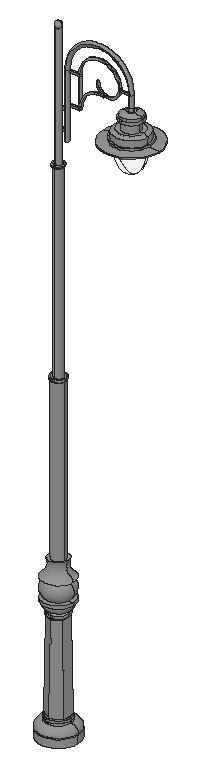
Revit family "svetilnik_alfresco_elegant-1-8_i_1-10", category Lighting Fixtures, Revit 2016 (continued)
Definition of nested family "Элегант"
  Parameters (values of type "Элегант 100Вт")
    built-in parameter 1150142 = "IESNA:LM-63-1995\r\n[TEST] alf\r\n[MANUFAC] Alfresco\r\n[LUMCAT]  \r\n[LUMINAIRE] ДCУ-01-AF 100w Росинка2\r\n[LAMPCAT]Cree\r\n[LAMP]LED\r\n[MORE]\r\n[OTHER]\r\nTILT=NONE\r\n1 8900 1 37 181 2 2 .525 .525 0\r\n.9 1 100\r\n-90 -85 -80 -75 -70 -65 -60 -55 -50 -45 -40 -35 -30 -25 -20 -15 -10 -5 0 5 10 15 20 25 30 35 40 45 50 55 60 65 70 75 80 85 90\r\n-90 -89 -88 -87 -86 -85 -84 -83 -82 -81 -80 -79 -78 -77 -76 -75 -74 -73 -72 -71 -70 -69 -68 -67 -66 -65 -64 -63 -62 -61 -60 -59 -58 -57 -56 -55 -54 -53 -52 -51 -50 -49 -48 -47 -46 -45 -44 -43 -42 -41 -40 -39 -38 -37 -36 -35 -34 -33 -32 -31 -30 -29 -28 -27\r\n -26 -25 -24 -23 -22 -21 -20 -19 -18 -17 -16 -15 -14 -13 -12 -11 -10 -9 -8 -7 -6 -5 -4 -3 -2 -1 0 1 2 3 4 5 6 7 8 9 10 11 12 13 14 15 16 17 18 19 20 21 22 23 24 25 26 27 28 29 30 31 32 33 34 35 36 37 38 39 40 41 42 43 44 45 46 47 48 49 50 51 52 53 54 55 \r\n56 57 58 59 60 61 62 63 64 65 66 67 68 69 70 71 72 73 74 75 76 77 78 79 80 81 82 83 84 85 86 87 88 89 90\r\n61.425 60.00 58.575 54.96 51.345 51.585 51.84 49.35 46.86 49.185 51.51 50.505 49.485 51.21 52.92 53.91 54.90 56.19 57.465 59.085 60.69 61.575 62.46 62.385 62.295 61.29 60.27 58.245 56.22 54.81 53.40 52.65 51.885 52.02 52.17 54.405 56.64\r\n65.16 67.86 70.545 73.905 77.265 81.825 86.37 88.365 90.345 92.715 95.07 101.295 107.52 110.925 114.33 120.69 127.05 130.74 134.43 134.925 135.405 130.50 125.595 124.98 124.365 119.46 114.555 110.34 106.125 100.155 94.20 89.385 84.57 77.37 70.17 68.04 \r\n65.91\r\n76.815 86.745 96.69 101.535 106.365 114.105 121.845 127.485 133.125 139.50 145.86 156.18 166.485 177.045 187.59 191.55 195.495 194.16 192.84 191.73 190.605 186.645 182.685 179.265 175.83 168.42 160.995 156.015 151.035 142.47 133.89 124.92 115.95 107.775 \r\n99.60 90.54 81.48\r\n100.41 111.285 122.16 132.645 143.115 149.61 156.09 165.735 175.395 184.245 193.095 200.535 207.99 210.51 213.03 212.52 212.01 210.87 209.745 208.23 206.70 202.845 199.005 194.025 189.06 188.16 187.26 185.01 182.775 171.54 160.32 150.945 141.57 130.305 \r\n119.025 107.895 96.765\r\n123.48 133.905 144.33 158.46 172.59 183.03 193.47 203.355 213.225 218.985 224.745 225.72 226.695 225.90 225.09 226.455 227.805 227.97 228.15 227.745 227.34 221.22 215.085 210.75 206.43 202.695 198.96 192.63 186.30 184.02 181.74 170.895 160.05 148.515 \r\n136.98 124.395 111.81\r\n148.59 160.095 171.60 190.125 208.65 215.595 222.555 228.105 233.655 233.94 234.21 234.435 234.66 237.54 240.42 242.40 244.38 240.255 236.13 233.805 231.48 229.50 227.535 222.885 218.235 213.42 208.605 204.84 201.06 193.905 186.75 180.975 175.215 163.53 \r\n151.845 137.88 123.915\r\n164.505 184.095 203.70 214.965 226.23 233.79 241.35 243.45 245.55 246.675 247.815 249.06 250.32 249.81 249.30 247.575 245.85 243.615 241.38 240.72 240.045 240.87 241.71 235.83 229.965 224.25 218.535 213.03 207.525 200.235 192.96 188.76 184.56 173.715 \r\n162.885 147.36 131.835\r\n171.72 190.08 208.44 221.04 233.625 243.21 252.795 258.81 264.84 263.10 261.375 261.525 261.675 261.975 262.275 259.665 257.055 252.60 248.145 248.655 249.165 246.06 242.955 238.56 234.18 229.77 225.36 219.555 213.75 206.145 198.555 189.69 180.84 173.385 \r\n165.93 151.935 137.94\r\n173.625 192.75 211.875 227.025 242.16 255.765 269.37 272.58 275.79 272.94 270.09 269.805 269.505 267.975 266.445 263.685 260.91 257.91 254.91 254.40 253.875 252.495 251.115 246.33 241.545 235.005 228.465 224.25 220.035 209.085 198.135 191.205 184.26 \r\n174.54 164.835 151.26 137.67\r\n172.17 192.375 212.58 227.34 242.10 255.06 268.005 274.29 280.59 281.64 282.705 280.245 277.785 274.635 271.485 271.665 271.845 268.965 266.085 264.585 263.085 259.125 255.18 251.70 248.235 239.745 231.27 223.395 215.52 205.47 195.42 183.915 172.41 \r\n165.705 159.00 143.985 128.955\r\n165.645 187.965 210.285 226.305 242.34 256.035 269.73 280.38 291.03 293.10 295.17 291.825 288.48 283.17 277.86 278.805 279.75 275.73 271.71 268.47 265.245 262.26 259.26 254.745 250.23 241.725 233.22 220.20 207.195 196.395 185.595 175.185 164.775 157.26 \r\n149.745 135.42 121.08\r\n161.16 184.065 206.97 226.44 245.925 260.04 274.155 283.11 292.05 296.13 300.21 296.37 292.53 290.985 289.44 289.08 288.705 286.29 283.875 281.19 278.52 272.55 266.58 259.80 253.035 243.315 233.58 219.21 204.825 192.465 180.12 168.255 156.39 150.42 \r\n144.435 130.35 116.28\r\n151.725 175.74 199.755 220.26 240.78 261.195 281.61 294.81 308.01 305.76 303.51 305.76 307.995 305.22 302.43 304.365 306.285 305.355 304.425 299.175 293.94 285.675 277.395 268.53 259.665 242.205 224.73 214.50 204.255 189.945 175.635 162.495 149.37 141.705\r\n 134.04 121.98 109.92\r\n145.41 171.48 197.535 219.45 241.38 262.65 283.935 300.27 316.605 322.245 327.90 327.795 327.69 327.54 327.405 325.185 322.965 321.03 319.095 315.945 312.795 302.67 292.56 275.475 258.405 240.705 223.005 209.775 196.53 181.14 165.75 154.14 142.53 134.025 \r\n125.52 115.035 104.565\r\n143.88 167.385 190.905 217.065 243.225 265.83 288.42 308.685 328.95 342.285 355.635 358.965 362.295 357.09 351.885 348.345 344.805 342.33 339.84 335.22 330.585 322.305 314.025 294.21 274.41 251.88 229.35 212.46 195.57 181.32 167.085 153.18 139.275 128.715\r\n 118.155 107.925 97.68\r\n135.345 161.79 188.235 219.45 250.68 277.845 304.995 323.265 341.535 360.39 379.245 386.79 394.32 391.065 387.81 377.205 366.60 360.375 354.165 349.095 344.01 336.90 329.79 306.09 282.39 257.40 232.41 212.64 192.885 176.865 160.86 147.90 134.955 122.13 \r\n109.32 99.87 90.435\r\n123.165 153.045 182.94 217.395 251.865 282.99 314.13 338.34 362.565 384.96 407.34 421.65 435.945 428.835 421.74 404.04 386.355 380.235 374.115 366.135 358.17 344.94 331.695 311.505 291.30 267.03 242.745 218.775 194.805 176.295 157.80 142.62 127.425 \r\n115.995 104.565 95.46 86.34\r\n114.795 146.175 177.54 214.365 251.19 288.705 326.235 355.335 384.435 411.03 437.64 452.745 467.865 464.79 461.73 439.365 417.00 405.195 393.375 384.48 375.585 356.10 336.63 315.60 294.57 271.035 247.50 221.61 195.705 175.47 155.25 140.91 126.585 112.35 \r\n98.13 89.16 80.205\r\n107.67 137.97 168.255 211.74 255.225 296.34 337.455 371.805 406.155 435.405 464.67 482.055 499.455 502.05 504.645 506.475 508.29 475.41 442.53 430.425 418.32 386.82 355.305 329.73 304.14 280.545 256.965 227.925 198.90 177.045 155.19 136.68 118.185 104.025\r\n 89.865 81.735 73.605\r\n99.075 131.01 162.945 209.625 256.305 300.57 344.82 383.46 422.085 455.70 489.315 513.45 537.60 552.78 567.96 583.98 600.00 577.425 554.85 569.535 584.205 496.545 408.87 362.595 316.335 288.075 259.815 231.705 203.595 177.345 151.095 134.07 117.06 102.66 \r\n88.245 78.69 69.12\r\n91.65 122.895 154.14 203.805 253.455 302.01 350.55 391.59 432.63 469.425 506.235 541.035 575.85 625.545 675.24 753.015 830.79 819.81 808.845 779.535 750.225 635.445 520.65 433.80 346.965 304.995 263.04 234.015 204.975 178.755 152.52 130.845 109.17 95.04 \r\n80.925 72.00 63.06\r\n84.45 115.605 146.775 198.285 249.81 300.795 351.78 397.98 444.195 482.985 521.79 582.36 642.915 786.57 930.225 1040.64 1151.0551 1135.11 1119.165 1092.63 1066.08 933.615 801.165 607.68 414.18 341.565 268.95 240.99 213.015 180.795 148.575 127.98 107.385 \r\n90.315 73.245 66.00 58.74\r\n77.595 107.805 138.00 191.805 245.595 298.08 350.565 402.72 454.89 495.405 535.92 655.755 775.59 1018.485 1261.38 1356.0601 1450.725 1449.885 1449.045 1414.47 1379.88 1247.4301 1114.995 874.59 634.20 458.43 282.66 246.975 211.275 178.92 146.55 124.185 \r\n101.82 84.645 67.485 61.02 54.555\r\n71.52 100.605 129.705 184.335 238.95 295.11 351.27 404.865 458.46 512.775 567.09 814.815 1062.54 1295.265 1527.975 1643.595 1759.215 1766.9399 1774.65 1733.37 1692.075 1534.08 1376.10 1115.385 854.685 583.515 312.345 260.10 207.855 175.80 143.745 120.72 \r\n97.695 81.90 66.09 58.335 50.595\r\n66.975 94.41 121.845 174.225 226.62 286.455 346.305 402.285 458.265 534.57 610.86 954.72 1298.58 1539.375 1780.1851 1891.26 2002.335 2010.21 2018.085 1968.885 1919.6851 1772.8051 1625.91 1343.34 1060.755 716.835 372.90 288.93 204.975 172.29 139.59 116.445\r\n 93.30 77.37 61.44 53.355 45.255\r\n61.995 87.795 113.58 166.32 219.06 279.315 339.555 396.75 453.945 577.35 700.74 1093.08 1485.405 1726.275 1967.13 2081.5649 2196.00 2194.125 2192.2649 2143.02 2093.7749 1936.38 1779.00 1505.895 1232.775 859.755 486.72 345.03 203.34 170.22 137.115 113.49 \r\n89.85 74.655 59.46 50.76 42.06\r\n57.21 81.45 105.69 157.62 209.55 273.135 336.705 394.125 451.545 636.765 821.985 1210.395 1598.8051 1849.6949 2100.585 2208.4199 2316.2549 2315.25 2314.23 2269.875 2225.5349 2062.26 1899.00 1620.225 1341.45 969.03 596.625 399.45 202.29 170.73 139.185 \r\n114.645 90.09 73.71 57.315 48.495 39.675\r\n53.58 76.29 99.00 148.89 198.78 263.55 328.335 388.215 448.095 689.07 930.045 1303.83 1677.63 1940.505 2203.3799 2304.5701 2405.76 2401.0049 2396.25 2356.665 2317.0649 2157.405 1997.745 1698.96 1400.16 1037.835 675.51 440.355 205.215 171.84 138.465 113.22\r\n 87.975 71.055 54.135 45.78 37.44\r\n50.055 70.935 91.80 139.38 186.945 253.635 320.34 383.25 446.175 716.085 986.01 1356.345 1726.6949 1991.235 2255.7749 2343.7051 2431.6201 2423.25 2414.895 2384.145 2353.395 2204.7749 2056.155 1750.14 1444.11 1077.795 711.48 459.99 208.50 172.035 135.585 \r\n110.955 86.325 69.075 51.825 43.47 35.115\r\n46.59 65.565 84.555 130.335 176.13 243.30 310.485 380.355 450.24 735.045 1019.835 1395.075 1770.30 2027.52 2284.74 2356.9951 2429.2351 2421.6899 2414.145 2380.1851 2346.2251 2217.9451 2089.6499 1782.45 1475.265 1102.8149 730.38 476.565 222.75 178.71 \r\n134.67 108.87 83.055 66.33 49.59 41.115 32.625\r\n43.815 61.215 78.63 122.04 165.45 231.735 298.005 378.465 458.91 742.29 1025.67 1395.705 1765.725 2026.845 2287.98 2346.1499 2404.3201 2387.6699 2371.02 2347.74 2324.46 2205.2849 2086.125 1786.905 1487.70 1112.385 737.055 483.24 229.41 180.915 132.42 \r\n106.53 80.655 63.60 46.56 38.715 30.87\r\n41.28 57.18 73.08 113.985 154.89 220.62 286.335 375.345 464.34 729.075 993.795 1379.8051 1765.80 2011.245 2256.6899 2334.1499 2411.625 2399.2949 2386.9651 2348.8201 2310.6899 2182.9351 2055.165 1762.395 1469.625 1088.4449 707.265 472.26 237.27 183.045 \r\n128.835 104.025 79.20 61.68 44.16 36.855 29.535\r\n39.105 53.73 68.34 107.715 147.075 211.11 275.145 370.59 466.035 718.80 971.55 1346.91 1722.255 1972.74 2223.2251 2329.05 2434.8899 2445.165 2455.4399 2409.105 2362.77 2182.6201 2002.47 1725.63 1448.79 1068.0601 687.315 463.785 240.255 182.595 124.95 \r\n101.49 78.045 60.285 42.525 35.595 28.65\r\n37.20 50.565 63.945 101.565 139.185 200.775 262.365 363.93 465.51 703.71 941.895 1297.3051 1652.70 1926.84 2200.98 2366.0701 2531.175 2545.53 2559.885 2505.1499 2450.415 2248.5601 2046.72 1716.075 1385.4301 1029.03 672.63 458.01 243.405 182.805 122.205 \r\n99.045 75.90 58.455 41.01 34.32 27.63\r\n35.55 47.94 60.33 95.07 129.81 190.29 250.785 353.385 455.985 676.53 897.075 1250.6851 1604.28 1923.90 2243.52 2399.085 2554.6499 2541.8701 2529.075 2494.1851 2459.2949 2295.615 2131.9351 1745.625 1359.3149 999.285 639.27 439.17 239.07 179.115 119.16 \r\n96.345 73.53 56.52 39.51 33.075 26.625\r\n34.02 45.735 57.465 89.685 121.92 181.02 240.12 336.96 433.80 644.655 855.525 1216.02 1576.53 1946.175 2315.8049 2408.0549 2500.3049 2485.5901 2470.8899 2434.80 2398.6951 2286.7949 2174.8799 1755.165 1335.45 972.285 609.12 416.535 223.95 169.125 114.285 \r\n92.61 70.935 54.495 38.055 32.04 26.01\r\n32.715 43.755 54.78 85.17 115.545 172.56 229.56 320.265 410.97 613.17 815.37 1175.16 1534.9351 1920.405 2305.875 2351.3999 2396.925 2375.835 2354.7451 2331.5549 2308.365 2231.085 2153.8049 1743.87 1333.9351 959.175 584.415 399.075 213.72 161.985 110.25 \r\n89.79 69.315 53.49 37.665 31.38 25.095\r\n31.38 42.105 52.83 81.15 109.47 165.09 220.71 302.91 385.11 584.205 783.30 1175.76 1568.235 1901.235 2234.2351 2267.01 2299.80 2289.0449 2278.3049 2248.875 2219.46 2148.1799 2076.915 1736.46 1396.02 981.45 566.895 382.545 198.195 153.00 107.805 87.885 \r\n67.95 52.17 36.39 30.375 24.345\r\n30.15 40.425 50.70 77.655 104.625 157.53 210.45 285.765 361.08 551.46 741.855 1174.11 1606.35 1876.395 2146.4399 2185.7849 2225.145 2227.20 2229.2549 2200.95 2172.6299 2087.0249 2001.42 1703.295 1405.17 972.555 539.94 362.865 185.79 146.70 107.595 87.18 \r\n66.75 51.12 35.49 29.49 23.505\r\n29.115 38.88 48.645 74.46 100.26 151.665 203.07 273.48 343.89 522.795 701.685 1129.71 1557.72 1811.265 2064.8101 2102.5801 2140.3501 2141.55 2142.7649 2127.825 2112.885 2014.335 1915.785 1634.8199 1353.87 925.425 496.98 336.375 175.755 139.29 102.81 83.91\r\n 65.025 49.86 34.695 28.725 22.74\r\n28.095 37.575 47.04 71.43 95.805 145.05 194.31 261.795 329.295 507.03 684.78 1083.345 1481.91 1733.955 1986.00 2017.1851 2048.3701 2053.98 2059.605 2041.20 2022.8101 1941.6899 1860.5699 1580.58 1300.59 907.305 514.02 341.865 169.71 135.21 100.695 82.41 \r\n64.14 48.825 33.525 27.69 21.87\r\n27.315 36.39 45.465 68.76 92.07 138.27 184.455 249.795 315.135 501.135 687.135 1055.0551 1422.99 1653.285 1883.595 1929.9449 1976.295 1979.79 1983.30 1964.67 1946.025 1866.345 1786.65 1518.075 1249.50 894.735 539.97 351.825 163.695 130.98 98.265 80.52 \r\n62.79 47.70 32.61 26.94 21.27\r\n26.79 35.58 44.355 66.51 88.65 132.945 177.225 240.99 304.755 490.92 677.085 1038.60 1400.115 1610.49 1820.85 1869.615 1918.365 1917.375 1916.385 1904.985 1893.60 1806.495 1719.39 1474.095 1228.8149 885.48 542.16 350.385 158.61 127.68 96.735 79.11 61.485 \r\n46.845 32.205 26.52 20.835\r\n26.325 34.98 43.62 65.115 86.61 129.405 172.20 232.59 292.98 473.685 654.39 1011.66 1368.915 1561.515 1754.10 1802.40 1850.6851 1852.02 1853.34 1847.745 1842.15 1744.455 1646.76 1420.71 1194.66 850.86 507.06 331.995 156.915 125.895 94.875 78.075 61.26 \r\n46.71 32.145 26.355 20.565\r\n26.04 34.59 43.155 64.08 85.02 126.285 167.55 226.35 285.15 467.07 648.99 958.425 1267.86 1466.73 1665.60 1733.16 1800.72 1800.045 1799.355 1787.61 1775.865 1677.615 1579.365 1367.40 1155.4351 831.18 506.925 332.31 157.71 125.925 94.125 77.82 61.515 \r\n46.935 32.37 26.34 20.295\r\n25.845 34.515 43.20 63.36 83.535 123.03 162.525 221.865 281.205 455.985 630.765 931.29 1231.8149 1431.1949 1630.575 1684.6949 1738.80 1740.45 1742.115 1734.225 1726.335 1632.075 1537.8149 1311.1949 1084.575 791.955 499.335 329.10 158.865 127.50 96.135 \r\n79.125 62.115 47.355 32.595 26.31 20.025\r\n25.62 34.425 43.245 62.985 82.74 119.40 156.06 214.275 272.49 438.18 603.855 907.83 1211.8051 1389.5699 1567.35 1632.12 1696.905 1695.03 1693.155 1688.28 1683.42 1584.3149 1485.1949 1281.105 1077.015 777.615 478.20 318.225 158.25 127.77 97.29 79.68 62.055\r\n 47.22 32.40 26.085 19.77\r\n25.425 34.125 42.825 62.58 82.335 117.81 153.30 208.83 264.36 423.675 582.99 881.13 1179.255 1355.745 1532.25 1585.005 1637.745 1645.53 1653.3149 1650.105 1646.895 1553.97 1461.045 1253.925 1046.8051 755.25 463.695 309.90 156.12 126.645 97.17 79.755 \r\n62.325 47.445 32.55 26.055 19.56\r\n25.26 34.20 43.14 62.31 81.495 116.025 150.57 206.31 262.05 406.92 551.805 834.345 1116.885 1293.51 1470.15 1531.02 1591.875 1602.825 1613.76 1606.515 1599.255 1507.77 1416.285 1219.29 1022.31 737.04 451.755 304.335 156.90 127.185 97.485 80.205 62.91 \r\n47.985 33.045 26.19 19.35\r\n25.065 34.26 43.47 62.685 81.915 115.29 148.65 202.98 257.295 403.35 549.405 810.39 1071.375 1240.62 1409.88 1482.975 1556.0551 1563.825 1571.58 1563.66 1555.755 1452.345 1348.92 1158.675 968.43 703.365 438.315 296.40 154.50 126.855 99.21 81.33 63.45 \r\n48.39 33.315 26.22 19.125\r\n24.975 34.305 43.635 62.625 81.615 113.955 146.295 197.805 249.315 389.79 530.25 800.07 1069.89 1229.985 1390.08 1460.295 1530.495 1533.405 1536.3149 1531.8149 1527.30 1410.45 1293.585 1116.465 939.36 682.155 424.95 287.97 151.005 126.09 101.16 82.56 \r\n63.96 48.75 33.54 26.25 18.945\r\n24.93 34.515 44.10 62.715 81.345 113.04 144.735 194.595 244.455 379.74 515.04 778.485 1041.9301 1202.49 1363.05 1422.345 1481.625 1486.89 1492.155 1490.115 1488.09 1384.785 1281.48 1105.05 928.62 676.605 424.59 288.585 152.595 128.655 104.73 84.765 64.815\r\n 49.38 33.96 26.40 18.855\r\n24.81 34.665 44.52 63.315 82.095 112.86 143.625 192.36 241.08 369.00 496.935 736.785 976.635 1148.925 1321.215 1371.87 1422.525 1441.59 1460.655 1455.285 1449.9301 1357.77 1265.61 1075.365 885.135 645.78 406.41 281.40 156.3
